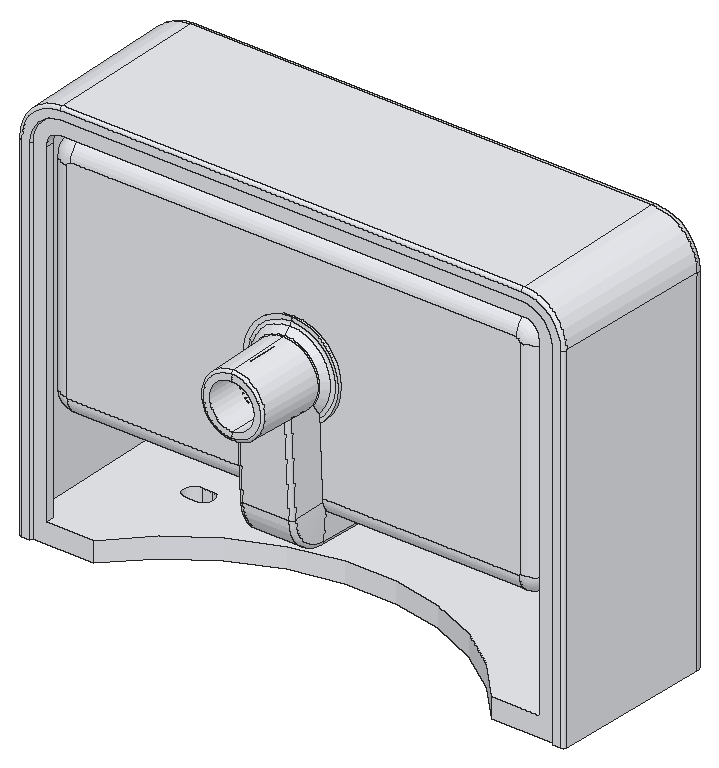
Revit family "Basin-Wall-Caroma Cubus Utility1", category Plumbing Fixtures, host Face, Revit 2012
Parameters (values of type "1 Tap Hole")
  Width_ANZRS = 400 mm  # constant formula
  Waste Radius [instance] = 20 mm
  Waste Connection = yes
  Waste = Metal-Chrome-Caroma
  WFU = 3
  Vent Connection = no
  URL = "http://www.caroma.com.au/bathrooms/basins/cubus/cubus-utility-wall-basin"
  Type Comments = "Ceramic Wall Basin supplied 40mm trap connection.  Alternative waste options available. 13 litres to overflow.  White only"  # constant formula
  Spout Penetration = if([1 Taphole], 0 mm, 100 mm)  # 0 mm
  PlumbingMaterial_ANZRS = PVC-White-Caroma
  Model = "633615W"
  Material_ANZRS = Porcelain-White-Caroma
  Manufacturer = "Caroma"  # constant formula
  Length_ANZRS = 550 mm  # constant formula
  Keynote = "UB"
  Height_ANZRS = 214 mm  # constant formula
  HW Connection = no
  Description = "Caroma Cubus Utility Wall Basin"  # constant formula
  Default Elevation = 865 mm
  CreatedBy_ANZRS = "Design Content"  # constant formula
  CreatedByURL_ANZRS = "www.designcontent.com.au"
  Cost = 419
  CW Connection = no
  BowlCapacity_ANZRS = 0.013 m³  # constant formula
  Assembly Code = "D2010310"
  1 Taphole = yes
Reference planes
  plane 1 "Origin": y = 0
  plane 2 "Back": z = 0
  plane 3 "Center (Left/Right)": x = 0
  plane 4 "Top": y = 107
  plane 5 "Front": z = 400
  plane 6 "Hot": x = -100
  plane 7 "Cold": x = 100
  plane 8 "Left": x = -275
  plane 9 "Right": x = 275
  plane 10 "Bottom": y = -107
  plane 11: z = 62.5
  plane 12: z = 243
  plane 13 "3 Tap": y = 107
  plane 14 "1 Tap": y = 107
  plane 15: z = 56
Forms (mm)
  Revolve 1, solid, material "Porcelain-White-Caroma" <- "Material_ANZRS"
    sketch origin (0, -23, 213.278) x (0, 0, -1) y (0, 1, 0)
      loop
        arc (-60.897, -111.545) -> (-60.135, -113.256) -> (-58.398, -113.957) r 2.5
        line (-58.398, -113.957) -> (-52.031, -113.957) -> (-52.031, -45) -> (-63.638, -33.393)
        arc (-63.638, -33.393) -> (-68.504, -30.142) -> (-74.244, -29) r 15
        line (-74.244, -29) -> (-77.031, -29) -> (-77.031, -40) -> (-73.244, -40)
        arc (-73.244, -40) -> (-71.331, -40.381) -> (-69.709, -41.464) r 5
        line (-69.709, -41.464) -> (-63.671, -47.502)
        arc (-63.671, -47.502) -> (-63.251, -48.119) -> (-63.086, -48.847) r 2
        line (-63.086, -48.847) -> (-60.897, -111.545)
      axis (-29.722, -113.957) -> (-29.722, -29)
    angle from 0 to 360
  Extrusion 2, void
    sketch origin (-148, 107, -36) x (-1, 0, 0) y (0, 0, 1)
      loop
        circle (-148, 92) r 14
    from 0 to -50
  Revolve 3, solid, material "Metal-Chrome-Caroma" <- "Waste"
    sketch origin (0, -23, 213.278) x (0, 0, -1) y (0, 1, 0)
      loop
        line (-60.285, -37.724) -> (-52.186, -37.724) -> (-52.186, -40.221) -> (-42.626, -45.52) -> (-29.722, -45.52) -> (-29.722, -38.165)
        arc (-29.722, -38.165) -> (-38.641, -38.466) -> (-47.52, -39.368) r 132.217
        line (-47.52, -39.368) -> (-49.241, -41.348)
        arc (-49.241, -41.348) -> (-50.665, -39.378) -> (-51.839, -37.25) r 19.898
        arc (-51.839, -37.25) -> (-52.493, -36.442) -> (-53.445, -36.024) r 2.206
        line (-53.445, -36.024) -> (-59.137, -36.024) -> (-60.285, -36.921) -> (-60.285, -37.724)
      axis (-29.722, -45.52) -> (-29.722, -36.024)
    angle from 0 to 360
  Sweep 4, solid, material "Porcelain-White-Caroma" <- "Material_ANZRS"
    path origin (0, 107, 0) x (-1, 0, 0) y (0, 0, 1)
      loop
        line (-275, 0) -> (-275, 355)
        arc (-275, 355) -> (-261.82, 386.82) -> (-230, 400) r 45
        line (-230, 400) -> (230, 400)
        arc (230, 400) -> (261.82, 386.82) -> (275, 355) r 45
        line (275, 355) -> (275, 0)
    profile origin (0, 107, 400) x (0, 0, 1) y (0, 1, 0)
      loop
        line (-8, 0) -> (-15, 0) -> (-15, -8) -> (-8, -8)
        arc (-8, -8) -> (-8.72, -84.014) -> (-10.88, -160) r 4013.353
        line (-10.88, -160) -> (-29.199, -160) -> (-29.199, -168) -> (-15.602, -168) -> (-14.794, -170) -> (-6.148, -170)
        arc (-6.148, -170) -> (-4.069, -169.163) -> (-3.15, -167.119) r 3
        arc (-3.15, -167.119) -> (-0.788, -87.575) -> (0, -8) r 4021.353
        arc (0, -8) -> (-2.343, -2.343) -> (-8, 0) r 8
  Sweep 5, solid, material "Porcelain-White-Caroma" <- "Material_ANZRS"
    path origin (0, 107, 0) x (-1, 0, 0) y (0, 0, 1)
      loop
        arc (-246.475, 127.51) -> (-242.96, 119.025) -> (-234.475, 115.51) r 12
        line (-234.475, 115.51) -> (234.475, 115.51)
        arc (234.475, 115.51) -> (242.96, 119.025) -> (246.475, 127.51) r 12
        line (246.475, 127.51) -> (246.475, 355)
        arc (246.475, 355) -> (242.082, 365.607) -> (231.475, 370) r 15
        line (231.475, 370) -> (-231.475, 370)
        arc (-231.475, 370) -> (-242.082, 365.607) -> (-246.475, 355) r 15
        line (-246.475, 355) -> (-246.475, 127.51)
    profile origin (0, 107, 370) x (0, 0, 1) y (0, 1, 0)
      loop
        line (-0.216, -7.442) -> (-0.535, -12) -> (7.485, -12) -> (7.764, -8) -> (9.764, -8) -> (9.764, 0) -> (7.764, 0)
        arc (7.764, 0) -> (2.308, -2.149) -> (-0.216, -7.442) r 8
  Sweep 6, solid, material "Porcelain-White-Caroma" <- "Material_ANZRS"
    path origin (0, 107, 0) x (-1, 0, 0) y (0, 0, 1)
      loop
        arc (-237, 138) -> (-233.485, 129.515) -> (-225, 126) r 12
        line (-225, 126) -> (225, 126)
        arc (225, 126) -> (233.485, 129.515) -> (237, 138) r 12
        line (237, 138) -> (237, 345)
        arc (237, 345) -> (232.607, 355.607) -> (222, 360) r 15
        line (222, 360) -> (-222, 360)
        arc (-222, 360) -> (-232.607, 355.607) -> (-237, 345) r 15
        line (-237, 345) -> (-237, 138)
    profile origin (0, 107, 360) x (0, 0, 1) y (0, 1, 0)
      loop
        arc (-0.185, -148.767) -> (-3.656, -156.045) -> (-11.158, -159) r 11
        line (-11.158, -159) -> (-11.158, -167)
        arc (-11.158, -167) -> (1.8, -161.896) -> (7.796, -149.325) r 19
        line (7.796, -149.325) -> (8.184, -143.78) -> (0.164, -143.78) -> (-0.185, -148.767)
  Blend 7, solid, material "Porcelain-White-Caroma" <- "Material_ANZRS"
    base sketch origin (0, 107, 0) x (-1, 0, 0) y (0, 0, 1)
      loop
        line (0, 116.045) -> (-234.475, 116.045)
        arc (-234.475, 116.045) -> (-242.582, 119.403) -> (-245.94, 127.51) r 11.465
        line (-245.94, 127.51) -> (-245.94, 355)
        arc (-245.94, 355) -> (-241.703, 365.228) -> (-231.475, 369.465) r 14.465
        line (-231.475, 369.465) -> (0, 369.465) -> (0, 377.485) -> (-231.475, 377.485)
        arc (-231.475, 377.485) -> (-247.374, 370.899) -> (-253.96, 355) r 22.485
        line (-253.96, 355) -> (-253.96, 127.51)
        arc (-253.96, 127.51) -> (-248.253, 113.732) -> (-234.475, 108.025) r 19.485
        line (-234.475, 108.025) -> (0, 108.025) -> (0, 116.045)
    top sketch origin (0, 107, 0) x (-1, 0, 0) y (0, 0, 1)
      loop
        line (0, 125.836) -> (-225, 125.836)
        arc (-225, 125.836) -> (-233.601, 129.399) -> (-237.164, 138) r 12.164
        line (-237.164, 138) -> (-237.164, 345)
        arc (-237.164, 345) -> (-232.723, 355.723) -> (-222, 360.164) r 15.164
        line (-222, 360.164) -> (0, 360.164) -> (0, 368.184) -> (-222, 368.184)
        arc (-222, 368.184) -> (-238.393, 361.393) -> (-245.184, 345) r 23.184
        line (-245.184, 345) -> (-245.184, 138)
        arc (-245.184, 138) -> (-239.272, 123.728) -> (-225, 117.816) r 20.184
        line (-225, 117.816) -> (0, 117.816) -> (0, 125.836)
    from -12 to -143.78
  Blend 8, solid, material "Porcelain-White-Caroma" <- "Material_ANZRS"
    base sketch origin (0, 107, 0) x (1, 0, 0) y (0, 0, -1)
      loop
        line (0, -116.045) -> (0, -108.025) -> (-234.475, -108.025)
        arc (-234.475, -108.025) -> (-248.253, -113.732) -> (-253.96, -127.51) r 19.485
        line (-253.96, -127.51) -> (-253.96, -355)
        arc (-253.96, -355) -> (-247.374, -370.899) -> (-231.475, -377.485) r 22.485
        line (-231.475, -377.485) -> (0, -377.485) -> (0, -369.465) -> (-231.475, -369.465)
        arc (-231.475, -369.465) -> (-241.703, -365.228) -> (-245.94, -355) r 14.465
        line (-245.94, -355) -> (-245.94, -127.51)
        arc (-245.94, -127.51) -> (-242.582, -119.403) -> (-234.475, -116.045) r 11.465
        line (-234.475, -116.045) -> (0, -116.045)
    top sketch origin (0, 107, 0) x (1, 0, 0) y (0, 0, -1)
      loop
        line (0, -125.836) -> (0, -117.816) -> (-225, -117.816)
        arc (-225, -117.816) -> (-239.272, -123.728) -> (-245.184, -138) r 20.184
        line (-245.184, -138) -> (-245.184, -345)
        arc (-245.184, -345) -> (-238.393, -361.393) -> (-222, -368.184) r 23.184
        line (-222, -368.184) -> (0, -368.184) -> (0, -360.164) -> (-222, -360.164)
        arc (-222, -360.164) -> (-232.723, -355.723) -> (-237.164, -345) r 15.164
        line (-237.164, -345) -> (-237.164, -138)
        arc (-237.164, -138) -> (-233.601, -129.399) -> (-225, -125.836) r 12.164
        line (-225, -125.836) -> (0, -125.836)
    from -12 to -143.78
  Extrusion 9, solid, material "Porcelain-White-Caroma" <- "Material_ANZRS"
    sketch origin (0, 107, 0) x (-1, 0, 0) y (0, 0, 1)
      loop
        arc (225, 137.158) -> (225.595, 137.405) -> (225.842, 138) r 0.842
        line (225.842, 138) -> (225.842, 345)
        arc (225.842, 345) -> (224.717, 347.717) -> (222, 348.842) r 3.842
        line (222, 348.842) -> (-222, 348.842)
        arc (-222, 348.842) -> (-224.717, 347.717) -> (-225.842, 345) r 3.842
        line (-225.842, 345) -> (-225.842, 138)
        arc (-225.842, 138) -> (-225.595, 137.405) -> (-225, 137.158) r 0.842
        line (-225, 137.158) -> (225, 137.158)
      loop
        circle (0, 243) r 47.309
    from -167 to -159
  Extrusion 10, solid, material "Porcelain-White-Caroma" <- "Material_ANZRS"
    sketch origin (0, 107, 0) x (-1, 0, 0) y (0, 0, 1)
      loop
        line (-260, 0) -> (260, 0) -> (260, 355)
        arc (260, 355) -> (251.213, 376.213) -> (230, 385) r 30
        line (230, 385) -> (-230, 385)
        arc (-230, 385) -> (-251.213, 376.213) -> (-260, 355) r 30
        line (-260, 355) -> (-260, 0)
      loop
        line (-234.475, 105.746) -> (234.475, 105.746)
        arc (234.475, 105.746) -> (249.865, 112.12) -> (256.239, 127.51) r 21.764
        line (256.239, 127.51) -> (256.239, 355)
        arc (256.239, 355) -> (248.986, 372.511) -> (231.475, 379.764) r 24.764
        line (231.475, 379.764) -> (-231.475, 379.764)
        arc (-231.475, 379.764) -> (-248.986, 372.511) -> (-256.239, 355) r 24.764
        line (-256.239, 355) -> (-256.239, 127.51)
        arc (-256.239, 127.51) -> (-249.865, 112.12) -> (-234.475, 105.746) r 21.764
    from 0 to -8
  Sweep 11, solid, material "Porcelain-White-Caroma" <- "Material_ANZRS"
    path origin (0, 0, 0) x (0, 1, 0) y (0, 0, 1)
      loop
        line (-100.984, 243) -> (-95.089, 130.523)
        arc (-95.089, 130.523) -> (-83.18, 104.086) -> (-56.54, 92.641) r 40
        line (-56.54, 92.641) -> (112.548, 86.736)
    profile origin (0, -100.984, 243) x (0, 0.99863, 0.052336) y (1, 0, 0)
      loop
        line (0, 22.867) -> (0, -22.867)
        arc (0, -22.867) -> (1.114, -25.637) -> (3.835, -26.864) r 4
        line (3.835, -26.864) -> (35.605, -28.173) -> (35.605, -24.17) -> (4, -22.867) -> (4, 22.867) -> (35.605, 24.17) -> (35.605, 28.173) -> (3.835, 26.864)
        arc (3.835, 26.864) -> (1.114, 25.637) -> (0, 22.867) r 4
  Revolve 12, solid, material "Metal-Chrome-Caroma" <- "Waste"
    sketch origin (0, 0, -0.994) x (0, 1, 0) y (0, 0, 1)
      loop
        line (82.51, 109.537) -> (83.095, 117.91) -> (86.168, 117.695) -> (86.232, 118.618) -> (85.382, 119.595) -> (81.493, 119.867) -> (80.779, 109.658) -> (82.51, 109.537)
      axis (69.357, 110.457) -> (70.071, 120.666)
    angle from 0 to 360
  Extrusion 13, solid, material "Porcelain-White-Caroma" <- "Material_ANZRS"
    sketch origin (0, 0, 0) x (1, 0, 0) y (0, 1, 0)
      loop
        arc (-198.484, -61) -> (0, 37) -> (198.484, -61) r 250
        line (198.484, -61) -> (263.809, -61)
        arc (263.809, -61) -> (266.202, 18.984) -> (267, 99) r 4013.353
        line (267, 99) -> (-267, 99)
        arc (-267, 99) -> (-266.202, 18.984) -> (-263.809, -61) r 4013.353
        line (-263.809, -61) -> (-198.484, -61)
      loop
        arc (-185, 57) -> (-195, 47) -> (-185, 37) r 10
        line (-185, 37) -> (-175, 37)
        arc (-175, 37) -> (-165, 47) -> (-175, 57) r 10
        line (-175, 57) -> (-185, 57)
      loop
        line (185, 57) -> (175, 57)
        arc (175, 57) -> (165, 47) -> (175, 37) r 10
        line (175, 37) -> (185, 37)
        arc (185, 37) -> (195, 47) -> (185, 57) r 10
    from 0 to 20
  Extrusion 14, void
    sketch origin (0, 0, 0) x (0, 1, 0) y (0, 0, 1)
      loop
        line (99, 80.423) -> (122.912, 80.423) -> (122.912, 273) -> (-132.088, 273) -> (-132.088, 250.807) -> (-60, 250.807) -> (-60, 137.158)
        arc (-60, 137.158) -> (-54.545, 124.147) -> (-41.767, 118.165) r 19.609
        line (-41.767, 118.165) -> (-36.78, 117.816) -> (95, 108.025) -> (99, 107.746) -> (99, 80.423)
    from 35 to -35
  Extrusion 15, void
    sketch origin (0, 107, 0) x (-1, 0, 0) y (0, 0, 1)
      loop
        circle (0, 243) r 22.309
    from -137.878 to -214
  Revolve 16, void
    sketch origin (0, 0, -0.994) x (0, 1, 0) y (0, 0, 1)
      loop
        line (83.438, 122.425) -> (70.258, 123.347) -> (69.187, 108.029) -> (82.367, 107.107) -> (83.438, 122.425)
      axis (69.187, 108.029) -> (70.258, 123.347)
    angle from 0 to 360
Cuts and joins
  Extrusion 2 cuts Extrusion 10
  joined: Sweep 4, Sweep 5, Extrusion 10, Extrusion 13
  Extrusion 14, Extrusion 15 cuts Sweep 11
  Revolve 16 cuts Blend 7
  Revolve 16 cuts Blend 8
  joined: Blend 7, Blend 8
  joined: Revolve 1, Sweep 6, Extrusion 9
Lines and regions (mm)
  Masking region 1
    outline origin (0, 107, 0) x (-1, 0, 0) y (0, 0, 1)
      loop
        line (-275, 0) -> (275, 0) -> (275, 355)
        arc (275, 355) -> (261.82, 386.82) -> (230, 400) r 45
        line (230, 400) -> (-230, 400)
        arc (-230, 400) -> (-261.82, 386.82) -> (-275, 355) r 45
        line (-275, 355) -> (-275, 0)
  Masking region 2
    outline origin (0, 0, 0) x (1, 0, 0) y (0, 1, 0)
      loop
        line (-268.852, -63) -> (-43.255, -63)
        arc (-43.255, -63) -> (-41.681, -63.313) -> (-40.347, -64.205) r 4.112
        line (-40.347, -64.205) -> (-33.899, -70.653)
        arc (-33.899, -70.653) -> (-33.538, -71.184) -> (-33.4, -71.812) r 1.708
        line (-33.4, -71.812) -> (-32.591, -100.326)
        arc (-32.591, -100.326) -> (-31.758, -102.221) -> (-29.84, -103) r 2.752
        line (-29.84, -103) -> (29.84, -103)
        arc (29.84, -103) -> (31.758, -102.221) -> (32.591, -100.326) r 2.752
        line (32.591, -100.326) -> (33.4, -71.812)
        arc (33.4, -71.812) -> (33.538, -71.184) -> (33.899, -70.653) r 1.708
        line (33.899, -70.653) -> (40.347, -64.205)
        arc (40.347, -64.205) -> (41.681, -63.313) -> (43.255, -63) r 4.112
        line (43.255, -63) -> (268.852, -63)
        arc (268.852, -63) -> (270.931, -62.163) -> (271.85, -60.119) r 3
        arc (271.85, -60.119) -> (274.212, 19.425) -> (275, 99) r 4021.353
        arc (275, 99) -> (272.657, 104.657) -> (267, 107) r 8
        line (267, 107) -> (-267, 107)
        arc (-267, 107) -> (-272.657, 104.657) -> (-275, 99) r 8
        arc (-275, 99) -> (-274.212, 19.425) -> (-271.85, -60.119) r 4021.353
        arc (-271.85, -60.119) -> (-270.931, -62.163) -> (-268.852, -63) r 3
  Masking region 3
    outline origin (0, 0, 0) x (0, 1, 0) y (0, 0, 1)
      loop
        line (107, 0) -> (107, 392)
        arc (107, 392) -> (104.657, 397.656) -> (99.001, 400) r 8
        arc (99.001, 400) -> (19.441, 399.225) -> (-60.088, 396.87) r 4005.881
        arc (-60.088, 396.87) -> (-62.154, 395.941) -> (-63, 393.84) r 3.032
        line (-63, 393.84) -> (-63, 286.452)
        arc (-63, 286.452) -> (-63.381, 284.538) -> (-64.464, 282.916) r 5
        line (-64.464, 282.916) -> (-70.429, 276.951)
        arc (-70.429, 276.951) -> (-71.046, 276.532) -> (-71.774, 276.367) r 2
        line (-71.774, 276.367) -> (-100.639, 275.359)
        arc (-100.639, 275.359) -> (-102.313, 274.613) -> (-103, 272.914) r 2.447
        line (-103, 272.914) -> (-103, 213.086)
        arc (-103, 213.086) -> (-102.313, 211.387) -> (-100.639, 210.641) r 2.447
        line (-100.639, 210.641) -> (-99.223, 210.592) -> (-95.078, 131.51)
        arc (-95.078, 131.51) -> (-85.431, 107.078) -> (-63, 93.408) r 41.29
        line (-63, 93.408) -> (-63, 0) -> (107, 0)
  symbolic lines, visible <- "1 Taphole"
    curve 1: circle (0, 107, 56) r 14 normal (0, 1, 0)
  symbolic lines
    curve 2: line (234.475, 107, 116.045) -> (-234.475, 107, 116.045)
    curve 3: arc (-234.475, 107, 116.045) -> (-242.582, 107, 119.403) -> (-245.94, 107, 127.51) r 11.465
    curve 4: line (-245.94, 107, 127.51) -> (-245.94, 107, 355)
    curve 5: arc (-245.94, 107, 355) -> (-241.703, 107, 365.228) -> (-231.475, 107, 369.465) r 14.465
    curve 6: line (-231.475, 107, 369.465) -> (231.475, 107, 369.465)
    curve 7: arc (231.475, 107, 369.465) -> (241.703, 107, 365.228) -> (245.94, 107, 355) r 14.465
    curve 8: line (245.94, 107, 355) -> (245.94, 107, 127.51)
    curve 9: arc (245.94, 107, 127.51) -> (242.582, 107, 119.403) -> (234.475, 107, 116.045) r 11.465
    curve 10: circle (0, 107, 243) r 22.309 normal (0, 1, 0)
    curve 11: circle (0, 107, 243) r 33.875 normal (0, 1, 0)
    curve 12: line (-43.255, -63, 0) -> (43.255, -63, 0)
    curve 13: line (0, -63, 293) -> (0, -63, 73)
    curve 14: line (0, -98.908, 204.592) -> (0, -99.518, 216.224)
Dimensions and locks
  plane 6 "Hot" to plane 3 "Center (Left/Right)" to plane 7 "Cold" = 100 mm, 100 mm
  equal spacing: plane 8 "Left", plane 3 "Center (Left/Right)", plane 9 "Right"
  "Length_ANZRS": plane 8 "Left" to plane 9 "Right"
  equal spacing: plane 4 "Top", plane 1 "Origin", plane 10 "Bottom"
  "Height_ANZRS": plane 10 "Bottom" to plane 4 "Top"
  level to plane 11 = 62.5 mm
  "Width_ANZRS": level to plane 5 "Front"
  plane 12 to level = 243 mm
  locked: plane 13 "3 Tap" to plane 4 "Top"
  "Spout Penetration": plane 14 "1 Tap" to plane 4 "Top"
  Extrusion 2 sketch curve to plane 3 "Center (Left/Right)" = 0 mm
  plane 2 "Back" to Extrusion 2 sketch curve = 56 mm
  level to plane 12 = 243 mm
  aligned and locked: plane 2 "Back" to host face
  aligned and locked: level to host face
Automatic sketch dimensions
  host sketch curve to host sketch curve = 2438.4 mm  (x2)
  Revolve 3 sketch curve to plane 12 = 0 mm  (x2)
  plane 12 to Revolve 3 sketch curve = 4.139 mm
  plane 12 to Revolve 3 sketch curve = 12.904 mm
  Revolve 3 sketch curve to Revolve 3 sketch curve = 4.894 mm
  Revolve 3 sketch curve to Revolve 3 sketch curve = 1.721 mm
  Revolve 3 sketch curve to Revolve 3 sketch curve = 4.319 mm
  Revolve 3 sketch curve to Revolve 3 sketch curve = 0 mm
  Revolve 3 sketch curve to Revolve 3 sketch curve = 0.347 mm
  Revolve 3 sketch curve to Revolve 3 sketch curve = 1.606 mm
  Revolve 3 sketch curve to Revolve 3 sketch curve = 1.646 mm
  Revolve 3 sketch curve to Revolve 3 sketch curve = 5.692 mm
  Revolve 3 sketch curve to Revolve 3 sketch curve = 1.148 mm
  plane 10 "Bottom" to Revolve 3 sketch curve = 86.382 mm
  Revolve 3 sketch curve to plane 10 "Bottom" = 38.48 mm
  Revolve 3 sketch curve to Revolve 3 sketch curve = 4.173 mm
  Revolve 3 sketch curve to Revolve 3 sketch curve = 4.492 mm
  Revolve 3 sketch curve to Revolve 3 sketch curve = 1.127 mm
  Revolve 3 sketch curve to Revolve 3 sketch curve = 1.98 mm
  Revolve 3 sketch curve to Revolve 3 sketch curve = 2.025 mm
  Revolve 3 sketch curve to Revolve 3 sketch curve = 1.7 mm
  Revolve 3 sketch curve to Revolve 3 sketch curve = 0.803 mm
  plane 1 "Origin" to Revolve 3 sketch curve = 8.944 mm
  Sweep 4 sketch curve to plane 9 "Right" = 0 mm
  Sweep 4 sketch curve to plane 5 "Front" = 0 mm
  plane 8 "Left" to Sweep 4 sketch curve = 0 mm
  Sweep 4 sketch curve to level = 0 mm  (x2)
  Sweep 4 sketch curve to plane 9 "Right" = 45 mm
  Sweep 4 sketch curve to Sweep 4 sketch curve = 45 mm
  Sweep 4 sketch curve to Sweep 4 sketch curve = 0 mm  (x4)
  Sweep 4 sketch curve to plane 4 "Top" = 0 mm
  profile plane to Sweep 4 sketch curve = 0 mm  (x2)
  profile plane to Sweep 4 sketch curve = 3.15 mm
  Sweep 4 sketch curve to Sweep 4 sketch curve = 2.998 mm
  Sweep 4 sketch curve to Sweep 4 sketch curve = 8 mm  (x2)
  Sweep 4 sketch curve to Sweep 4 sketch curve = 4.732 mm
  Sweep 4 sketch curve to Sweep 4 sketch curve = 8.646 mm
  Sweep 4 sketch curve to Sweep 4 sketch curve = 7 mm
  Sweep 4 sketch curve to Sweep 4 sketch curve = 0.808 mm
  Sweep 4 sketch curve to Sweep 4 sketch curve = 13.596 mm
  Sweep 4 sketch curve to plane 4 "Top" = 7.981 mm
  Sweep 4 sketch curve to Sweep 4 sketch curve = 3992.154 mm
  Sweep 4 sketch curve to Sweep 4 sketch curve = 2 mm
  Sweep 5 sketch curve to plane 9 "Right" = 28.525 mm
  Sweep 5 sketch curve to Sweep 5 sketch curve = 12 mm  (x2)
  Sweep 5 sketch curve to Sweep 5 sketch curve = 15 mm
  Sweep 5 sketch curve to plane 8 "Left" = 43.525 mm
  Sweep 5 sketch curve to plane 8 "Left" = 40.525 mm
  plane 11 to Sweep 5 sketch curve = 53.01 mm
  Sweep 5 sketch curve to plane 5 "Front" = 45 mm
  Sweep 5 sketch curve to plane 4 "Top" = 0 mm
  profile plane to Sweep 5 sketch curve = 0.535 mm
  profile plane to Sweep 5 sketch curve = 0.216 mm
  Sweep 5 sketch curve to profile plane = 7.485 mm
  Sweep 5 sketch curve to Sweep 5 sketch curve = 0.28 mm
  Sweep 5 sketch curve to profile plane = 7.764 mm
  Sweep 5 sketch curve to Sweep 5 sketch curve = 2 mm
  Sweep 5 sketch curve to plane 4 "Top" = 7.442 mm
  Sweep 5 sketch curve to Sweep 5 sketch curve = 0 mm
  Sweep 5 sketch curve to Sweep 5 sketch curve = 4 mm
  Sweep 6 sketch curve to plane 9 "Right" = 38 mm
  Sweep 6 sketch curve to Sweep 6 sketch curve = 12 mm  (x2)
  Sweep 6 sketch curve to Sweep 6 sketch curve = 15 mm
  Sweep 6 sketch curve to plane 8 "Left" = 53 mm
  Sweep 6 sketch curve to plane 8 "Left" = 50 mm
  plane 11 to Sweep 6 sketch curve = 63.5 mm
  Sweep 6 sketch curve to plane 5 "Front" = 55 mm
  Sweep 6 sketch curve to Sweep 6 sketch curve = 0 mm  (x2)
  profile plane to Sweep 6 sketch curve = 11.158 mm
  profile plane to Sweep 6 sketch curve = 0.185 mm
  Sweep 6 sketch curve to profile plane = 0.164 mm
  Sweep 6 sketch curve to profile plane = 7.796 mm
  Sweep 6 sketch curve to Sweep 6 sketch curve = 0.388 mm
  Sweep 6 sketch curve to plane 4 "Top" = 167 mm
  Sweep 6 sketch curve to Sweep 6 sketch curve = 8 mm
  Sweep 6 sketch curve to Sweep 6 sketch curve = 9.675 mm
  Sweep 6 sketch curve to Sweep 6 sketch curve = 5.546 mm
  Blend 7 sketch curve to Blend 7 sketch curve = 0 mm  (x8)
  Blend 7 sketch curve to plane 3 "Center (Left/Right)" = 0 mm  (x4)
  Blend 7 sketch curve to plane 9 "Right" = 43.525 mm
  Blend 7 sketch curve to plane 9 "Right" = 40.525 mm
  Blend 7 sketch curve to Blend 7 sketch curve = 11.465 mm
  Blend 7 sketch curve to Blend 7 sketch curve = 8.02 mm  (x2)
  plane 11 to Blend 7 sketch curve = 45.525 mm
  Blend 7 sketch curve to plane 5 "Front" = 45 mm
  Blend 7 sketch curve to plane 9 "Right" = 53 mm
  Blend 7 sketch curve to plane 9 "Right" = 50 mm
  Blend 7 sketch curve to Blend 7 sketch curve = 15.164 mm
  plane 11 to Blend 7 sketch curve = 55.316 mm
  Blend 7 sketch curve to plane 5 "Front" = 55 mm
  Blend 8 sketch curve to Blend 8 sketch curve = 0 mm  (x8)
  Blend 8 sketch curve to plane 3 "Center (Left/Right)" = 0 mm  (x4)
  plane 8 "Left" to Blend 8 sketch curve = 43.525 mm
  plane 8 "Left" to Blend 8 sketch curve = 40.525 mm
  Blend 8 sketch curve to Blend 8 sketch curve = 11.465 mm
  Blend 8 sketch curve to Blend 8 sketch curve = 8.02 mm  (x2)
  Blend 8 sketch curve to plane 11 = 45.525 mm
  plane 5 "Front" to Blend 8 sketch curve = 45 mm
  plane 8 "Left" to Blend 8 sketch curve = 53 mm
  plane 8 "Left" to Blend 8 sketch curve = 50 mm
  Blend 8 sketch curve to Blend 8 sketch curve = 15.164 mm
  Blend 8 sketch curve to plane 11 = 55.316 mm
  plane 5 "Front" to Blend 8 sketch curve = 55 mm
  Extrusion 9 sketch curve to plane 9 "Right" = 49.158 mm
  Extrusion 9 sketch curve to Extrusion 9 sketch curve = 0.842 mm  (x2)
  Extrusion 9 sketch curve to plane 8 "Left" = 50 mm
  plane 11 to Extrusion 9 sketch curve = 74.658 mm
  Extrusion 9 sketch curve to plane 5 "Front" = 55 mm
  Extrusion 9 sketch curve to Extrusion 9 sketch curve = 3.842 mm  (x2)
  Extrusion 9 sketch curve to Extrusion 9 sketch curve = 0 mm  (x2)
  Extrusion 9 sketch curve to plane 3 "Center (Left/Right)" = 0 mm
  Extrusion 9 sketch curve to plane 12 = 0 mm
  Extrusion 9 sketch curve to plane 12 = 47.309 mm
  Extrusion 10 sketch curve to level = 0 mm
  Extrusion 10 sketch curve to plane 9 "Right" = 15 mm
  Extrusion 10 sketch curve to plane 9 "Right" = 18.761 mm
  Extrusion 10 sketch curve to Extrusion 10 sketch curve = 21.764 mm
  Extrusion 10 sketch curve to Extrusion 10 sketch curve = 24.764 mm
  Extrusion 10 sketch curve to Extrusion 10 sketch curve = 1.475 mm  (x2)
  Extrusion 10 sketch curve to plane 5 "Front" = 15 mm
  Extrusion 10 sketch curve to plane 8 "Left" = 45 mm
  Extrusion 10 sketch curve to plane 8 "Left" = 40.525 mm
  Extrusion 10 sketch curve to plane 8 "Left" = 18.761 mm
  Extrusion 10 sketch curve to Extrusion 10 sketch curve = 3.761 mm
  plane 11 to Extrusion 10 sketch curve = 43.246 mm
  Extrusion 10 sketch curve to Extrusion 10 sketch curve = 0 mm
  Sweep 11 sketch curve to plane 10 "Bottom" = 6.016 mm
  Sweep 11 sketch curve to plane 10 "Bottom" = 11.911 mm
  plane 11 to Sweep 11 sketch curve = 30.141 mm
  Sweep 11 sketch curve to plane 10 "Bottom" = 50.46 mm
  Sweep 11 sketch curve to Sweep 11 sketch curve = 39.945 mm
  plane 4 "Top" to Sweep 11 sketch curve = 5.548 mm
  plane 11 to Sweep 11 sketch curve = 24.236 mm
  Sweep 11 sketch curve to Sweep 11 sketch curve = 37.882 mm
  Sweep 11 sketch curve to plane 12 = 0 mm
  plane 3 "Center (Left/Right)" to Sweep 11 sketch curve = 22.867 mm
  Sweep 11 sketch curve to profile plane = 0 mm
  Sweep 11 sketch curve to profile plane = 3.835 mm
  Sweep 11 sketch curve to plane 3 "Center (Left/Right)" = 22.867 mm
  plane 3 "Center (Left/Right)" to Sweep 11 sketch curve = 28.173 mm
  Revolve 12 sketch curve to plane 4 "Top" = 37.643 mm
  Revolve 12 sketch curve to Revolve 12 sketch curve = 0.901 mm
  Revolve 12 sketch curve to Revolve 12 sketch curve = 11.422 mm
  Revolve 12 sketch curve to Revolve 12 sketch curve = 0.714 mm
  Revolve 12 sketch curve to Revolve 12 sketch curve = 1.602 mm
  Revolve 12 sketch curve to Revolve 12 sketch curve = 2.287 mm
  Revolve 12 sketch curve to Revolve 12 sketch curve = 0.785 mm
  Revolve 12 sketch curve to Revolve 12 sketch curve = 0.065 mm
  plane 11 to Revolve 12 sketch curve = 46.043 mm
  Revolve 12 sketch curve to Revolve 12 sketch curve = 0.121 mm
  Revolve 12 sketch curve to Revolve 12 sketch curve = 0.799 mm
  Revolve 12 sketch curve to Revolve 12 sketch curve = 0.978 mm
  Revolve 12 sketch curve to Revolve 12 sketch curve = 3.479 mm
  Extrusion 13 sketch curve to plane 3 "Center (Left/Right)" = 0 mm
  Extrusion 13 sketch curve to plane 4 "Top" = 50 mm
  Extrusion 13 sketch curve to plane 6 "Hot" = 75 mm
  Extrusion 13 sketch curve to Extrusion 13 sketch curve = 10 mm  (x3)
  Extrusion 13 sketch curve to plane 10 "Bottom" = 46 mm  (x2)
  Extrusion 13 sketch curve to plane 8 "Left" = 76.516 mm
  Extrusion 13 sketch curve to plane 8 "Left" = 11.191 mm
  Extrusion 13 sketch curve to plane 8 "Left" = 8 mm
  Extrusion 13 sketch curve to plane 4 "Top" = 7.981 mm  (x2)
  plane 8 "Left" to Extrusion 13 sketch curve = 3471.353 mm
  Extrusion 13 sketch curve to plane 1 "Origin" = 37 mm
  Extrusion 13 sketch curve to plane 7 "Cold" = 75 mm
  Extrusion 13 sketch curve to plane 9 "Right" = 11.191 mm
  Extrusion 13 sketch curve to Extrusion 13 sketch curve = 3479.353 mm
  plane 10 "Bottom" to Extrusion 13 sketch curve = 106 mm
  Extrusion 13 sketch curve to Extrusion 13 sketch curve = 20 mm
  plane 12 to Extrusion 14 sketch curve = 7.807 mm
  plane 10 "Bottom" to Extrusion 14 sketch curve = 25.088 mm
  Extrusion 14 sketch curve to plane 10 "Bottom" = 47 mm
  Extrusion 14 sketch curve to Extrusion 14 sketch curve = 18.233 mm
  Extrusion 14 sketch curve to Extrusion 14 sketch curve = 19.601 mm
  Extrusion 14 sketch curve to Extrusion 14 sketch curve = 4.988 mm
  Extrusion 14 sketch curve to plane 4 "Top" = 12 mm
  Extrusion 14 sketch curve to Extrusion 14 sketch curve = 4 mm
  plane 4 "Top" to Extrusion 14 sketch curve = 15.912 mm
  plane 11 to Extrusion 14 sketch curve = 75.226 mm
  Extrusion 14 sketch curve to Extrusion 14 sketch curve = 0.568 mm
  Extrusion 14 sketch curve to Extrusion 14 sketch curve = 0.349 mm
  plane 11 to Extrusion 14 sketch curve = 45.525 mm
  Extrusion 14 sketch curve to Extrusion 14 sketch curve = 0.28 mm
  plane 11 to Extrusion 14 sketch curve = 17.923 mm
  Extrusion 14 sketch curve to Extrusion 14 sketch curve = 22.193 mm
  Extrusion 15 sketch curve to plane 3 "Center (Left/Right)" = 0 mm
  Extrusion 15 sketch curve to plane 12 = 0 mm
  Revolve 16 sketch curve to plane 4 "Top" = 37.813 mm
  Revolve 16 sketch curve to Revolve 16 sketch curve = 0.17 mm
  Revolve 16 sketch curve to Revolve 16 sketch curve = 0.901 mm
  Revolve 16 sketch curve to Revolve 16 sketch curve = 0 mm  (x2)
  Revolve 16 sketch curve to Revolve 16 sketch curve = 13.179 mm
  plane 11 to Revolve 16 sketch curve = 43.614 mm
  Revolve 16 sketch curve to Revolve 16 sketch curve = 0.922 mm
  Revolve 16 sketch curve to Revolve 16 sketch curve = 2.428 mm
  Sweep 11 sketch curve to Sweep 11 sketch curve = 0 mm  (x2)
  Sweep 11 sketch curve to Sweep 11 sketch curve = 0.165 mm  (x2)
  Sweep 11 sketch curve to Sweep 11 sketch curve = 4.003 mm
  Sweep 11 sketch curve to Sweep 11 sketch curve = 3.997 mm  (x2)
  plane 3 "Center (Left/Right)" to Sweep 11 sketch curve = 24.17 mm
  Sweep 11 sketch curve to Sweep 11 sketch curve = 31.605 mm  (x2)
  Sweep 11 sketch curve to plane 3 "Center (Left/Right)" = 28.173 mm
  curve 10 to curve 11 = 0 mm  (x2)
  curve 11 to plane 3 "Center (Left/Right)" = 0 mm
  curve 1 to plane 3 "Center (Left/Right)" = 0 mm
  curve 1 to plane 15 = 0 mm
  curve 11 to plane 12 = 0 mm
  curve 7 to plane 9 "Right" = 43.525 mm
  curve 9 to plane 9 "Right" = 40.525 mm
  curve 7 to curve 7 = 14.465 mm
  curve 5 to plane 8 "Left" = 43.525 mm
  curve 3 to plane 8 "Left" = 40.525 mm
  curve 5 to curve 5 = 14.465 mm
  plane 11 to curve 2 = 53.545 mm
  curve 7 to plane 5 "Front" = 45 mm
  Masking region 1 sketch curve to level = 0 mm
  Masking region 1 sketch curve to plane 9 "Right" = 0 mm
  Masking region 1 sketch curve to plane 5 "Front" = 0 mm
  plane 8 "Left" to Masking region 1 sketch curve = 0 mm
  Masking region 1 sketch curve to plane 9 "Right" = 45 mm
  Masking region 1 sketch curve to plane 8 "Left" = 45 mm
  Masking region 2 sketch curve to plane 8 "Left" = 0 mm  (x2)
  Masking region 2 sketch curve to plane 4 "Top" = 0 mm
  plane 3 "Center (Left/Right)" to Masking region 2 sketch curve = 29.84 mm
  Masking region 2 sketch curve to plane 9 "Right" = 0 mm  (x2)
  Masking region 2 sketch curve to plane 4 "Top" = 7.981 mm  (x2)
  plane 8 "Left" to Masking region 2 sketch curve = 3471.353 mm
  Masking region 2 sketch curve to plane 8 "Left" = 3.15 mm
  Masking region 2 sketch curve to Masking region 2 sketch curve = 0 mm  (x2)
  Masking region 2 sketch curve to Masking region 2 sketch curve = 2.998 mm  (x2)
  Masking region 2 sketch curve to plane 8 "Left" = 8 mm
  Masking region 2 sketch curve to plane 3 "Center (Left/Right)" = 43.255 mm
  Masking region 2 sketch curve to Masking region 2 sketch curve = 2.908 mm  (x2)
  Masking region 2 sketch curve to Masking region 2 sketch curve = 5.24 mm
  Masking region 2 sketch curve to Masking region 2 sketch curve = 1.208 mm  (x2)
  Masking region 2 sketch curve to Masking region 2 sketch curve = 0.5 mm  (x2)
  Masking region 2 sketch curve to plane 10 "Bottom" = 6.674 mm  (x2)
  Masking region 2 sketch curve to Masking region 2 sketch curve = 0.809 mm  (x2)
  Masking region 2 sketch curve to Masking region 2 sketch curve = 2.751 mm  (x2)
  Masking region 2 sketch curve to Masking region 2 sketch curve = 6.448 mm
  Masking region 2 sketch curve to plane 4 "Top" = 8 mm
  Masking region 2 sketch curve to plane 9 "Right" = 6.148 mm
  plane 9 "Right" to Masking region 2 sketch curve = 3471.353 mm
  Masking region 2 sketch curve to Masking region 2 sketch curve = 2.674 mm
  Masking region 2 sketch curve to Masking region 2 sketch curve = 8.86 mm  (x2)
  Masking region 2 sketch curve to Masking region 2 sketch curve = 0.048 mm  (x2)
  Masking region 2 sketch curve to Masking region 2 sketch curve = 4.112 mm  (x2)
  curve 12 to plane 3 "Center (Left/Right)" = 43.255 mm
  plane 3 "Center (Left/Right)" to curve 12 = 43.255 mm
  curve 12 to plane 10 "Bottom" = 44 mm
  Masking region 3 sketch curve to level = 0 mm
  Masking region 3 sketch curve to plane 4 "Top" = 0 mm
  Masking region 3 sketch curve to plane 5 "Front" = 0 mm
  Masking region 3 sketch curve to plane 4 "Top" = 7.999 mm
  Masking region 3 sketch curve to Masking region 3 sketch curve = 0 mm  (x2)
  Masking region 3 sketch curve to Masking region 3 sketch curve = 0.001 mm
  Masking region 3 sketch curve to plane 4 "Top" = 8.749 mm
  Masking region 3 sketch curve to plane 10 "Bottom" = 53.155 mm
  Masking region 3 sketch curve to plane 5 "Front" = 6.16 mm
  Masking region 3 sketch curve to plane 10 "Bottom" = 47.032 mm
  Masking region 3 sketch curve to plane 10 "Bottom" = 44 mm
  Masking region 3 sketch curve to Masking region 3 sketch curve = 1.464 mm
  Masking region 3 sketch curve to Masking region 3 sketch curve = 3.536 mm
  Masking region 3 sketch curve to Masking region 3 sketch curve = 5.965 mm  (x2)
  Masking region 3 sketch curve to Masking region 3 sketch curve = 1.344 mm
  Masking region 3 sketch curve to Masking region 3 sketch curve = 1.414 mm
  Masking region 3 sketch curve to plane 10 "Bottom" = 11.922 mm
  Masking region 3 sketch curve to plane 10 "Bottom" = 7.777 mm
  Masking region 3 sketch curve to Masking region 3 sketch curve = 1.331 mm
  Masking region 3 sketch curve to plane 10 "Bottom" = 6.447 mm
  Masking region 3 sketch curve to Masking region 3 sketch curve = 1.416 mm
  Masking region 3 sketch curve to Masking region 3 sketch curve = 0.085 mm
  Masking region 3 sketch curve to Masking region 3 sketch curve = 2.447 mm
  plane 11 to Masking region 3 sketch curve = 30.908 mm
  Masking region 3 sketch curve to Masking region 3 sketch curve = 38.101 mm
  Masking region 3 sketch curve to plane 12 = 32.408 mm
  Masking region 3 sketch curve to Masking region 3 sketch curve = 0.049 mm
  plane 12 to Masking region 3 sketch curve = 29.914 mm
  Masking region 3 sketch curve to Masking region 3 sketch curve = 1.008 mm
  Masking region 3 sketch curve to Masking region 3 sketch curve = 0.585 mm
  curve 14 to plane 10 "Bottom" = 7.482 mm
  curve 14 to plane 10 "Bottom" = 8.092 mm
  plane 11 to curve 13 = 10.5 mm
  curve 13 to plane 10 "Bottom" = 44 mm
  curve 14 to plane 12 = 38.408 mm
  curve 14 to curve 14 = 11.632 mm
  plane 12 to curve 13 = 50 mm
  Revolve 1 sketch curve to plane 12 = 0 mm
  plane 12 to Revolve 1 sketch curve = 22.309 mm
  Revolve 1 sketch curve to Revolve 1 sketch curve = 6.367 mm
  Revolve 1 sketch curve to Revolve 1 sketch curve = 2.498 mm
  Revolve 1 sketch curve to Revolve 1 sketch curve = 11.055 mm
  Revolve 1 sketch curve to Revolve 1 sketch curve = 0.551 mm
  Revolve 1 sketch curve to Revolve 1 sketch curve = 0.585 mm
  Revolve 1 sketch curve to Revolve 1 sketch curve = 1.414 mm
  Revolve 1 sketch curve to Revolve 1 sketch curve = 6.038 mm
  Revolve 1 sketch curve to Revolve 1 sketch curve = 3.536 mm  (x2)
  Revolve 1 sketch curve to Revolve 1 sketch curve = 1 mm  (x2)
  Revolve 1 sketch curve to Revolve 1 sketch curve = 2.787 mm
  plane 10 "Bottom" to Revolve 1 sketch curve = 29.957 mm
  Revolve 1 sketch curve to Revolve 1 sketch curve = 2.413 mm
  Revolve 1 sketch curve to plane 10 "Bottom" = 35.083 mm
  Revolve 1 sketch curve to Revolve 1 sketch curve = 0.07 mm
  Revolve 1 sketch curve to Revolve 1 sketch curve = 3.847 mm
  Revolve 1 sketch curve to Revolve 1 sketch curve = 3.917 mm
  Revolve 1 sketch curve to Revolve 1 sketch curve = 3.972 mm
  Revolve 1 sketch curve to Revolve 1 sketch curve = 8.071 mm
  plane 1 "Origin" to Revolve 1 sketch curve = 8.944 mm
  radius of Extrusion 2 sketch curve = 14 mm
  radius of Extrusion 15 sketch curve = 22.309 mm
  radius of curve 1 = 14 mm
  radius of curve 10 = 22.309 mm
  radius of curve 11 = 33.875 mm
Connectors
  piping at (0, -136.957, 243), driven by "Waste Radius", driven by "WFU"
    settings: on Revolve 1, index 1, connector radius 0.7874", flow factor 0, pipe flow 0 GPM, pressure drop 0.00 psi, fitting loss kfactor 0, connector angle 0.00°, fixture units 3, engagement length 0 mm, flow configuration 3, flow direction 2, fitting loss method 1, system type 16, joint type 0, gender type 0, connector reference index -1, connector utility 0, adjustable connector no, is connector primary yes, fitting loss table "", connector description "Waste"
